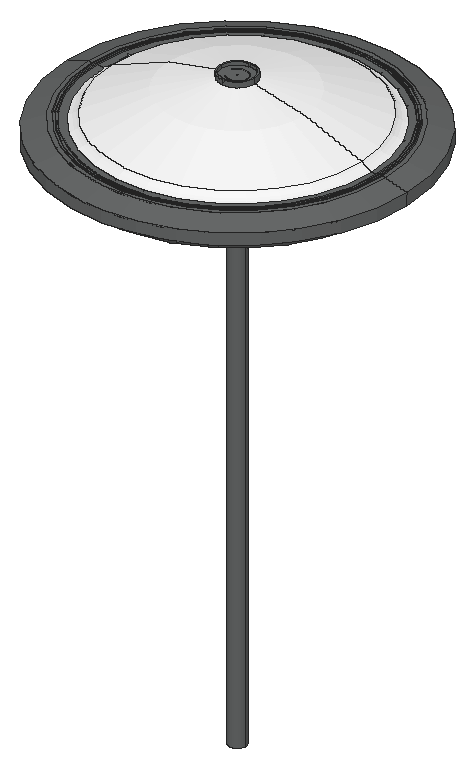
Revit family "PGL8_Pendant", category Lighting Fixtures, host Face, Revit 2014
Parameters
  Width = 15.88"
  Wattage = 111.6 W
  Warranty = "5 Years Limited Warranty"
  built-in parameter 1150110 = 1 (stored number, unit not read)
  URL = "https://www.hubbell.com/kimlighting/en/"
  Type Comments = "Light Fixture"  # constant formula
  built-in parameter 1114217 = 1 (stored number, unit not read)
  Tilt Angle = -90.00°
  built-in parameter 1150109 = 1 (stored number, unit not read)
  built-in parameter 1150134 = 3
  built-in parameter 1150113 = 1 (stored number, unit not read)
  Product page URL = "https://www.hubbell.com/kimlighting/en/Products/Lighting-Controls/Commercial-Outdoor-Lighting/Ceiling-Canopy-Garage/PGL8/p/3921794"
  Product Documentation = "https://hubbellcdn.com/specsheet/kl_pgl8_spec.pdf"
  Power Factor = "0.90"
  Photometric Web File = "PGL8-5C-128L-110-3K7.ies"
  Mounting Height = 21.46"
  Model = "PGL8"  # constant formula
  Manufacturer = "KIM LIGHTING"  # constant formula
  built-in parameter 1150105 = 950.25 (stored number, unit not read)
  Lumens = 11941.2 lm
  built-in parameter 1150115 = 1 (stored number, unit not read)
  built-in parameter 1150137 = (empty or 0)
  built-in parameter 1150139 = (empty or 0)
  built-in parameter 1150112 = 1 (stored number, unit not read)
  built-in parameter 1150114 = 1 (stored number, unit not read)
  Lamp = "LED"
  built-in parameter 1150132 = (empty or 0)
  built-in parameter 1150102 = (empty or 0)
  built-in parameter 1150107 = 3200 (stored number, unit not read)
  built-in parameter 1150138 = (empty or 0)
  built-in parameter 1150106 = 9.5025 (stored number, unit not read)
  IP Rating = "IP 65"
  Housing = Paint - Hubbell - Basic Black Textured
  Glass = Paint - Hubbell - Matte White
  Features = "Patent pending edge-lit, drop lens optic\r\n• The PGL8 offers exceptional uniformity and visual comfort with four\r\nstandard distribution patterns\r\n• Multiple control options available for an intelligent parking garage\r\nlighting solution\r\n• Integral sensors, battery backup and uplight"  # constant formula
  Emit from Circle Diameter = 14.00"
  Emit Shape Visible in Rendering = no
  built-in parameter 1150104 = 9.9406 (stored number, unit not read)
  Distribution = "Type V Concentrated, Type V Square, Type V Rectangular, Asymmetric"  # constant formula
  Dimming Lamp Color Temperature Shift = <None>
  Dimming Interface = "0-10V"
  Description = "The legacy of the PGL continues with the PGL8 edge-lit with drop lens. The PGL8 provides effective solutions for meeting the dynamics and challenges of parking garage applications including IES recommendations. The drop lens reduces glare providing exceptional visual comfort and performance, making the PGL8 the ideal solution for parking garage and canopy applications."  # constant formula
  Default Elevation = 48.00"
  Contact us = "https://www.hubbell.com/kimlighting/en/contactUs"
  Color Filter = 16777215
  Certifications = "UL listed"
  built-in parameter 1114218 = 1 (stored number, unit not read)
  built-in parameter 1150133 = 10 (stored number, unit not read)
  Assembly Code = "D5020200"
Reference planes (in)
  plane 1 "Center (Front/Back)": y = 0
  plane 2: z = 0
  plane 3 "Center (Left/Right)": x = 0
  plane 4: x = -7.94
  plane 5: x = 7.94
  plane 6: z = -2.29
  plane 7: z = 2.47
  plane 8: z = 3.84
  plane 9: x = 7.94141
  plane 10: x = -7.44141
  plane 11: x = -5
  plane 12: x = 5
  plane 13: z = 21.46
  plane 14: z = 24
  plane 15: z = 26.12156
  plane 16: z = 28.02156
  plane 17: z = 28.72843
Forms (in)
  Revolve 1, solid, material "Paint - Hubbell - Basic Black Textured" <- "Housing"
    sketch origin (0, 0, 24.25) x (1, 0, 0) y (0, 0, 1)
      loop
        line (6.96971, 1.90281) -> (6.79461, 1.90281) -> (6.79461, 1.87023) -> (6.7505, 1.87023) -> (6.7505, 1.90281) -> (6.69373, 1.90281) -> (6.69373, 1.87023) -> (6.64962, 1.87023) -> (6.64962, 1.90281) -> (6.5918, 1.90281) -> (6.5918, 1.87023) -> (6.54769, 1.87023) -> (6.54769, 1.90281) -> (0, 1.90281) -> (0, -0.25) -> (5.5, -0.25)
        arc (5.5, -0.25) -> (6.77401, 0.312) -> (7.9446, 1.0661) r 8.88724
        line (7.9446, 1.0661) -> (7.9446, 1.59575) -> (6.96971, 1.90281)
      axis (0, 1.90281) -> (0, -0.25)
    angle from 0 to 360
  Revolve 2, solid, material "Paint - Hubbell - Matte White" <- "Glass"
    sketch origin (0, 0, 21.90625) x (1, 0, 0) y (0, 0, 1)
      loop
        line (0, 6.16733) -> (0, 4.21531) -> (6.46971, 4.21531)
        arc (6.46971, 4.21531) -> (6.11031, 4.29235) -> (5.81407, 4.50993) r 0.87683
        arc (5.81407, 4.50993) -> (2.98188, 5.60119) -> (0, 6.16733) r 16.87083
      axis (0, 6.16733) -> (0, 4.21531)
    angle from 0 to 360
  Revolve 3, solid, material "Paint - Hubbell - Basic Black Textured" <- "Housing"
    sketch origin (0, 0, 25) x (1, 0, 0) y (0, 0, 1)
      loop
        line (0.808, 2.88857) -> (0.808, 3.15313) -> (0.02418, 3.15313) -> (0.02418, 2.98132)
        arc (0.02418, 2.98132) -> (0.41671, 2.94014) -> (0.808, 2.88857) r 14.88215
      loop
        line (0, -1) -> (0, -3.54) -> (1.14909, -3.54)
        arc (1.14909, -3.54) -> (2.86843, -2.16906) -> (4.90503, -1.33967) r 7.70432
        line (4.90503, -1.33967) -> (4.90503, -1) -> (0, -1)
      axis (0, 3.15313) -> (0, -3.54)
    angle from 0 to 360
  Extrusion 4, void
    sketch origin (0, 0, 25) x (1, 0, 0) y (0, 1, 0)
      loop
        line (-0.04014, 0.92024) -> (-0.04014, 0.74881)
        arc (-0.04014, 0.74881) -> (-0.52954, 0.52803) -> (-0.74233, 0.03511) r 0.74286
        line (-0.74233, 0.03511) -> (-0.91723, 0.03511) -> (-0.91723, -0.03712) -> (-0.74155, -0.03712)
        arc (-0.74155, -0.03712) -> (-0.521, -0.5225) -> (-0.03209, -0.73513) r 0.74286
        line (-0.03209, -0.73513) -> (-0.03209, -0.91421) -> (0.04014, -0.91421) -> (0.04014, -0.73474)
        arc (0.04014, -0.73474) -> (0.52671, -0.51682) -> (0.74198, -0.02908) r 0.74286
        line (0.74198, -0.02908) -> (0.91723, -0.02908) -> (0.91723, 0.04315) -> (0.74198, 0.04315)
        arc (0.74198, 0.04315) -> (0.52386, 0.53374) -> (0.03209, 0.74921) r 0.74286
        line (0.03209, 0.74921) -> (0.03209, 0.92024) -> (-0.04014, 0.92024)
    from 3.02156 to 3.72843
  Extrusion 5, solid, material "Paint - Hubbell - Basic Black Textured" <- "Housing"
    sketch origin (0, 0, 0) x (1, 0, 0) y (0, 1, 0)
      loop
        circle (0, 0) r 0.375
    from 0 to 21.46
Cuts and joins
  Extrusion 4 cuts Revolve 2
  Extrusion 4 cuts Revolve 3
Dimensions and locks (in)
  equal spacing: plane 4, plane 3 "Center (Left/Right)", plane 5
  "Width": plane 4 to plane 5
  "Mounting Height": plane 13 to host face
  locked: plane 14 to plane 13 at 2.54
  locked: plane 15 to plane 14 at 2.12156
  locked: plane 17 to plane 16 at 0.70687
  locked: plane 16 to plane 15 at 1.9
  aligned and locked: plane 2 to host face
  aligned and locked: level to host face
  aligned and locked: cut or joined group of Revolve 3, Extrusion 4 to Extrusion 5
  aligned and locked: plane 13 to cut or joined group of Revolve 3, Extrusion 4
  aligned and locked: cut or joined group of Revolve 3, Extrusion 4 to cut or joined group of Revolve 3, Extrusion 4
  aligned and locked: Revolve 1 to plane 14
  aligned and locked: cut or joined group of Revolve 2, Extrusion 4 to plane 15
  aligned and locked: plane 16 to Extrusion 4
  aligned and locked: Extrusion 4 to plane 17
  aligned and locked: imposter light to plane 17
Automatic sketch dimensions
  host sketch curve to host sketch curve = 96.00"  (x2)
  Revolve 1 sketch curve to plane 3 "Center (Left/Right)" = 0.00"  (x2)
  plane 3 "Center (Left/Right)" to Revolve 1 sketch curve = 2.56112"
  Revolve 1 sketch curve to plane 5 = 2.44"
  Revolve 1 sketch curve to plane 5 = 1.39231"
  Revolve 1 sketch curve to Revolve 1 sketch curve = 0.04411"  (x3)
  Revolve 1 sketch curve to Revolve 1 sketch curve = 0.05782"
  Revolve 1 sketch curve to Revolve 1 sketch curve = 0.05677"
  Revolve 1 sketch curve to Revolve 1 sketch curve = 0.17509"
  plane 9 to Revolve 1 sketch curve = 0.00319"
  Revolve 1 sketch curve to plane 8 = 20.16"
  Revolve 1 sketch curve to Revolve 1 sketch curve = 1.3161"
  Revolve 1 sketch curve to Revolve 1 sketch curve = 0.52965"
  Revolve 1 sketch curve to Revolve 1 sketch curve = 0.27448"
  Revolve 1 sketch curve to Revolve 1 sketch curve = 0.00"  (x2)
  Revolve 1 sketch curve to Revolve 1 sketch curve = 0.03258"  (x4)
  Revolve 1 sketch curve to plane 8 = 3.41"
  Revolve 1 sketch curve to Revolve 1 sketch curve = 22.54147"
  Revolve 2 sketch curve to plane 3 "Center (Left/Right)" = 0.00"  (x2)
  Revolve 2 sketch curve to plane 3 "Center (Left/Right)" = 1.6432"
  Revolve 2 sketch curve to plane 5 = 1.47029"
  Revolve 2 sketch curve to plane 8 = 7.44297"
  Revolve 2 sketch curve to Revolve 2 sketch curve = 14.83859"
  Revolve 2 sketch curve to Revolve 2 sketch curve = 0.87683"
  Revolve 2 sketch curve to Revolve 2 sketch curve = 1.95202"
  Revolve 2 sketch curve to Revolve 2 sketch curve = 5.71531"
  Revolve 2 sketch curve to Revolve 2 sketch curve = 2.83267"
  Revolve 3 sketch curve to plane 3 "Center (Left/Right)" = 0.00"  (x2)
  Revolve 3 sketch curve to plane 3 "Center (Left/Right)" = 1.33212"
  plane 3 "Center (Left/Right)" to Revolve 3 sketch curve = 0.02418"
  Revolve 3 sketch curve to Revolve 3 sketch curve = 0.78382"
  plane 3 "Center (Left/Right)" to Revolve 3 sketch curve = 1.14909"
  Revolve 3 sketch curve to plane 12 = 0.09497"
  Revolve 3 sketch curve to plane 5 = 1.17723"
  Revolve 3 sketch curve to plane 8 = 9.3211"
  Revolve 3 sketch curve to Revolve 3 sketch curve = 3.02224"
  Revolve 3 sketch curve to Revolve 3 sketch curve = 5.27667"
  Revolve 3 sketch curve to Revolve 3 sketch curve = 2.54"
  Revolve 3 sketch curve to Revolve 3 sketch curve = 3.88857"
  Revolve 3 sketch curve to Revolve 3 sketch curve = 0.26456"
  Revolve 3 sketch curve to Revolve 3 sketch curve = 0.01868"
  Revolve 3 sketch curve to Revolve 3 sketch curve = 6.34687"
  Extrusion 4 sketch curve to Extrusion 4 sketch curve = 0.00"  (x13)
  Extrusion 4 sketch curve to plane 3 "Center (Left/Right)" = 0.00"
  Extrusion 4 sketch curve to plane 3 "Center (Left/Right)" = 0.03209"
  Extrusion 4 sketch curve to plane 3 "Center (Left/Right)" = 0.04014"
  plane 1 "Center (Front/Back)" to Extrusion 4 sketch curve = 0.03712"
  Extrusion 4 sketch curve to plane 3 "Center (Left/Right)" = 0.74155"
  Extrusion 4 sketch curve to plane 1 "Center (Front/Back)" = 0.03511"
  Extrusion 4 sketch curve to Extrusion 4 sketch curve = 0.00078"
  Extrusion 4 sketch curve to Extrusion 4 sketch curve = 0.17568"
  plane 3 "Center (Left/Right)" to Extrusion 4 sketch curve = 0.03209"
  plane 3 "Center (Left/Right)" to Extrusion 4 sketch curve = 0.04014"
  Extrusion 4 sketch curve to plane 1 "Center (Front/Back)" = 0.04315"
  plane 3 "Center (Left/Right)" to Extrusion 4 sketch curve = 0.74198"
  plane 1 "Center (Front/Back)" to Extrusion 4 sketch curve = 0.02908"
  Extrusion 4 sketch curve to Extrusion 4 sketch curve = 0.17524"
  plane 1 "Center (Front/Back)" to Extrusion 4 sketch curve = 0.73474"
  Extrusion 4 sketch curve to Extrusion 4 sketch curve = 0.17947"
  Extrusion 4 sketch curve to Extrusion 4 sketch curve = 0.17143"
  plane 1 "Center (Front/Back)" to Extrusion 5 sketch curve = 0.00"
  Extrusion 5 sketch curve to plane 3 "Center (Left/Right)" = 0.00"
  radius of Extrusion 5 sketch curve = 0.375"
Connectors (in)
  electrical at (0, 0, 0)
    settings: on Extrusion 5, index 1, voltage 120 V, apparent load 100 VA, apparent load phase1 0 VA, apparent load phase2 0 VA, apparent load phase3 0 VA, power factor 0.9, load classification "Other", number of poles 1, system type 30, power factor state 1, is connector primary yes, connector utility no, sub classification motor no, connector description "Lighting Connector"
